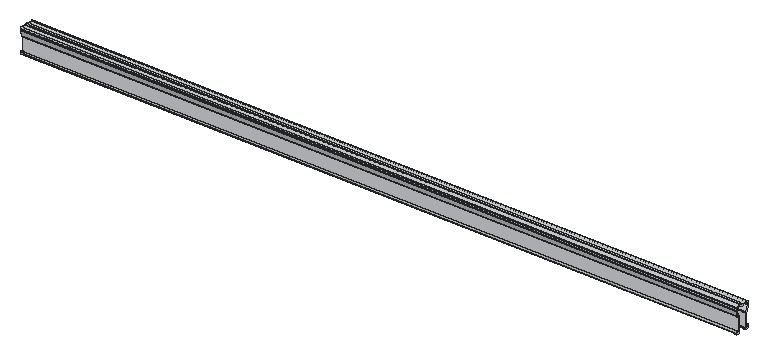
Revit family "68TSC4.00 14g Top Chord", category Structural Framing, Revit 2020
Family settings
  Section Shape = Not Defined
  Material for Model Behavior = Steel
  Always export as geometry = No
  OmniClass Number = 23.25.30.11.14.14
  OmniClass Title = Beams
  Always vertical = Yes
  Cut with Voids When Loaded = No
  Symbolic Representation = From Family
  Shared = No
  Show family pre-cut in plan views = Yes
Parameters
  Weight lbs per ft [instance] = 2.9095
  URL = "https://www.trussteel.com/details_files/pdf/ts008.pdf"
  Total Member Weight lbs [instance] = Length / 1' 0" * Weight lbs per ft  # 29.095
  Structural Material = ASTM A653 SS Grade 50 Class 1 G90
  Steel Design Thickness (in) [instance] = 0.0713
  Model = "68TSC4.00"
  Manufacturer = "TrusSteel"
  Length [instance] = 10' - 0"
  Fy (ksi) [instance] = 50
  Fu (ksi) [instance] = 65
  Description = "Chord"
  Cross Section Area (in2) [instance] = 0.8557
  Beam Height = 0' - 4"
  Beam Width = 0' - 2 1/2"
Reference planes (in)
  plane 1 "Center (Front/Back)": y = 0
  plane 2 "Center El.": z = 0
  plane 3 "Center (Left/Right)": x = 0
  plane 4 "Left": x = -60
  plane 5 "Right": x = 60
Forms (in)
  Extrusion 1, solid
    sketch origin (0, 0, 0) x (0, 1, 0) y (0, 0, 1)
      loop
        line (0.3064, -0.0713) -> (1.0847, -0.0713)
        arc (1.0847, -0.0713) -> (1.15117, -0.09883) -> (1.1787, -0.1653) r 0.094
        line (1.1787, -0.1653) -> (1.1787, -0.4135)
        arc (1.1787, -0.4135) -> (1.17155, -0.48389) -> (1.15039, -0.55141) r 0.35
        line (1.15039, -0.55141) -> (0.78408, -1.40586)
        arc (0.78408, -1.40586) -> (0.75861, -1.48713) -> (0.75, -1.57186) r 0.4213
        line (0.75, -1.57186) -> (0.75, -3.8687)
        arc (0.75, -3.8687) -> (0.78846, -3.96154) -> (0.8813, -4) r 0.1313
        line (0.8813, -4) -> (1.1187, -4)
        arc (1.1187, -4) -> (1.21154, -3.96154) -> (1.25, -3.8687) r 0.1313
        line (1.25, -3.8687) -> (1.25, -3.5) -> (1.1787, -3.5) -> (1.1787, -3.8687)
        arc (1.1787, -3.8687) -> (1.16113, -3.91113) -> (1.1187, -3.9287) r 0.06
        line (1.1187, -3.9287) -> (0.8813, -3.9287)
        arc (0.8813, -3.9287) -> (0.83887, -3.91113) -> (0.8213, -3.8687) r 0.06
        line (0.8213, -3.8687) -> (0.8213, -1.57186)
        arc (0.8213, -1.57186) -> (0.82845, -1.50147) -> (0.84961, -1.43395) r 0.35
        line (0.84961, -1.43395) -> (1.21592, -0.5795)
        arc (1.21592, -0.5795) -> (1.24139, -0.49823) -> (1.25, -0.4135) r 0.4213
        line (1.25, -0.4135) -> (1.25, -0.1653)
        arc (1.25, -0.1653) -> (1.20158, -0.04842) -> (1.0847, 0) r 0.1653
        line (1.0847, 0) -> (0.3064, 0)
        arc (0.3064, 0) -> (0.20095, -0.01573) -> (0.10468, -0.06156) r 0.3613
        arc (0.10468, -0.06156) -> (0, -0.0935) -> (-0.10468, -0.06156) r 0.1875
        arc (-0.10468, -0.06156) -> (-0.20095, -0.01573) -> (-0.3064, 0) r 0.3613
        line (-0.3064, 0) -> (-1.0847, 0)
        arc (-1.0847, 0) -> (-1.20158, -0.04842) -> (-1.25, -0.1653) r 0.1653
        line (-1.25, -0.1653) -> (-1.25, -0.4135)
        arc (-1.25, -0.4135) -> (-1.24139, -0.49823) -> (-1.21592, -0.5795) r 0.4213
        line (-1.21592, -0.5795) -> (-0.84961, -1.43395)
        arc (-0.84961, -1.43395) -> (-0.82845, -1.50147) -> (-0.8213, -1.57186) r 0.35
        line (-0.8213, -1.57186) -> (-0.8213, -3.8687)
        arc (-0.8213, -3.8687) -> (-0.83887, -3.91113) -> (-0.8813, -3.9287) r 0.06
        line (-0.8813, -3.9287) -> (-1.1187, -3.9287)
        arc (-1.1187, -3.9287) -> (-1.16113, -3.91113) -> (-1.1787, -3.8687) r 0.06
        line (-1.1787, -3.8687) -> (-1.1787, -3.5) -> (-1.25, -3.5) -> (-1.25, -3.8687)
        arc (-1.25, -3.8687) -> (-1.21154, -3.96154) -> (-1.1187, -4) r 0.1313
        line (-1.1187, -4) -> (-0.8813, -4)
        arc (-0.8813, -4) -> (-0.78846, -3.96154) -> (-0.75, -3.8687) r 0.1313
        line (-0.75, -3.8687) -> (-0.75, -1.57186)
        arc (-0.75, -1.57186) -> (-0.75861, -1.48713) -> (-0.78408, -1.40586) r 0.4213
        line (-0.78408, -1.40586) -> (-1.15039, -0.55141)
        arc (-1.15039, -0.55141) -> (-1.17155, -0.48389) -> (-1.1787, -0.4135) r 0.35
        line (-1.1787, -0.4135) -> (-1.1787, -0.1653)
        arc (-1.1787, -0.1653) -> (-1.15117, -0.09883) -> (-1.0847, -0.0713) r 0.094
        line (-1.0847, -0.0713) -> (-0.3064, -0.0713)
        arc (-0.3064, -0.0713) -> (-0.22176, -0.08393) -> (-0.14449, -0.12071) r 0.29
        arc (-0.14449, -0.12071) -> (0, -0.1648) -> (0.14449, -0.12071) r 0.2588
        arc (0.14449, -0.12071) -> (0.22176, -0.08393) -> (0.3064, -0.0713) r 0.29
    from -60 to 60
Dimensions and locks (in)
  equal spacing: plane 4 "Left", plane 3 "Center (Left/Right)", plane 5 "Right"
  "Length": plane 4 "Left" to plane 5 "Right"
  "Beam Width": Extrusion 1 to Extrusion 1
  "Beam Height": Extrusion 1 to Extrusion 1
  aligned and locked: level to plane 2 "Center El."
  aligned and locked: plane 4 "Left" to Extrusion 1
  aligned and locked: Extrusion 1 to plane 5 "Right"
Automatic sketch dimensions
  Extrusion 1 sketch curve to Extrusion 1 sketch curve = 0' - 0"  (x28)
  Extrusion 1 sketch curve to level = 0' - 0"  (x2)
  Extrusion 1 sketch curve to plane 1 "Center (Front/Back)" = 0' - 0"
  plane 1 "Center (Front/Back)" to Extrusion 1 sketch curve = 0' - 0.3064"
  plane 1 "Center (Front/Back)" to Extrusion 1 sketch curve = 0' - 0 3/4"
  Extrusion 1 sketch curve to Extrusion 1 sketch curve = 0' - 0.03408"  (x2)
  Extrusion 1 sketch curve to Extrusion 1 sketch curve = 0' - 0.0713"  (x4)
  Extrusion 1 sketch curve to Extrusion 1 sketch curve = 0' - 0.5223"  (x2)
  Extrusion 1 sketch curve to Extrusion 1 sketch curve = 0' - 0.06553"  (x2)
  Extrusion 1 sketch curve to Extrusion 1 sketch curve = 0' - 0.06"  (x4)
  Extrusion 1 sketch curve to level = 0' - 0.1653"  (x2)
  Extrusion 1 sketch curve to Extrusion 1 sketch curve = 0' - 0.256"  (x2)
  Extrusion 1 sketch curve to Extrusion 1 sketch curve = 0' - 0.2374"  (x2)
  Extrusion 1 sketch curve to level = 0' - 0.55141"  (x2)
  Extrusion 1 sketch curve to Extrusion 1 sketch curve = 0' - 0.09961"  (x2)
  Extrusion 1 sketch curve to Extrusion 1 sketch curve = 0' - 0.32169"
  Extrusion 1 sketch curve to level = 0' - 0.5795"  (x2)
  Extrusion 1 sketch curve to plane 1 "Center (Front/Back)" = 0' - 0.3064"
  Extrusion 1 sketch curve to plane 1 "Center (Front/Back)" = 0' - 0 3/4"
  Extrusion 1 sketch curve to Extrusion 1 sketch curve = 0' - 0.35"
  Extrusion 1 sketch curve to Extrusion 1 sketch curve = 0' - 0.85445"  (x2)
  Extrusion 1 sketch curve to Extrusion 1 sketch curve = 0' - 1.92814"  (x2)
  Extrusion 1 sketch curve to Extrusion 1 sketch curve = 0' - 0.3687"  (x2)
  Extrusion 1 sketch curve to Extrusion 1 sketch curve = 0' - 0.29"  (x2)
  level to Extrusion 1 sketch curve = 0' - 0.094"
